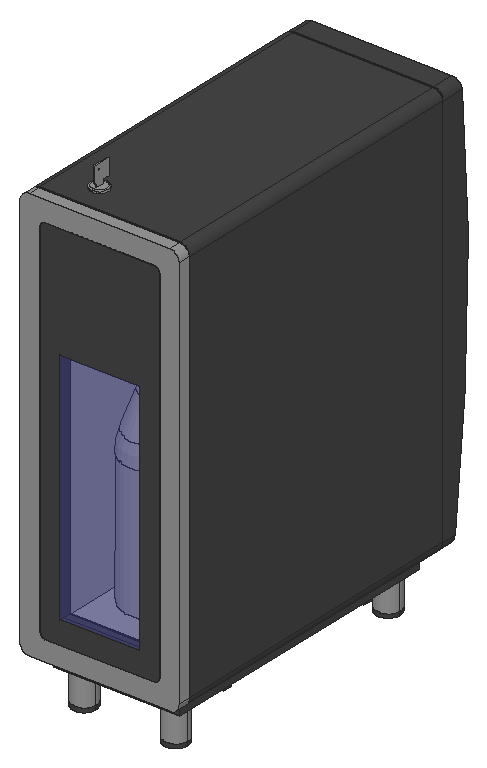
Revit family "Franke_Flavor_Station_FS3-A600_FM_EC_A600_FM_CM_A800_FM_EC(USA)", category Specialty Equipment, Revit 2015
Parameters (values of type "Flavor Station FS3-A600 FM EC,A600 FM CM,A800 FM EC(110-127V/anthracite/USA)")
  Watts max. = 0 W
  Volts max. = 127 V
  URL = "https://www.franke.com/main/en/cs/products/product-search.html"
  Depth (mm) = 452 mm
  Volts min. = 110 V
  Max Overcurrent Protection = "-"
  Cycle Alternative = 60 Hz
  Cycle = 50 Hz
  Model = "410888 - Flavor Station FS3-A600 FM EC, A600 FM CM, A800 FM EC"
  Watts min. = 0 W
  Cost = 0
  Capacity = "up to 3 bottles"
  Height (mm) = 544 mm
  Manufacturer = "Franke"
  Energy loss acc. to DIN 18873 = "-"
  Width (mm) = 200 mm
  Description = "key module Flavor Station enables the automated and constant dosing of syrup in the coffee / milk"
  Assembly Code = "key module Flavor Station"
  Keynote = "key module Flavor Station"
  Weight = "17 kg"
  Number of Poles = 1
  Number of Protective Conductors = "1"
  Number of Nutral Conductors = "1"
  Frontcover = Franke Anthracite
Types (3, lengths in mm): name | Frontcover
  (no name) | Franke Anthracite
  Flavor Station FS3-A600 FM EC,A600 FM CM,A800 FM EC(110-127V/black line/USA) | Franke Black
  Flavor Station FS3-A600 FM EC,A600 FM CM,A800 FM EC(110-127V/anthracite/USA) | Franke Anthracite
Reference planes
  plane 1 "Mitte (Vorne/Hinten)": y = 0
  plane 2: z = 0
  plane 3 "Mitte (Links/Rechts)": x = 0
Forms (mm)
  Revolve 1, solid, material "Franke Glass (coloured)"
    sketch origin (0, -122.422, 0) x (1, 0, 0) y (0, 0, 1)
      loop
        line (0, 119) -> (42.5, 119) -> (42.5, 285)
        arc (42.5, 285) -> (41.359, 298.689) -> (37.969, 312) r 82.717
        arc (37.969, 312) -> (30.026, 334.024) -> (21.951, 356) r 3887.726
        arc (21.951, 356) -> (18.197, 369.268) -> (16.953, 383) r 74.483
        line (16.953, 383) -> (0, 383) -> (0, 119)
      axis (0, 119) -> (0, 383)
    angle from 0 to 360
  Revolve 2, solid, material "Franke Coloured plastic"
    sketch origin (0, -122.422, 0) x (1, 0, 0) y (0, 0, 1)
      loop
        line (0, 383) -> (16.953, 383) -> (16.953, 417) -> (0, 417) -> (0, 383)
      axis (0, 383) -> (0, 417)
    angle from 0 to 360
  Extrusion 3, solid, material "Franke Anthracite" <- "Frontcover"
    sketch origin (0, 0, 0) x (1, 0, 0) y (0, 0, 1)
      loop
        line (88, 585) -> (-88, 585)
        arc (-88, 585) -> (-96.485, 581.485) -> (-100, 573) r 12
        line (-100, 573) -> (-100, 77)
        arc (-100, 77) -> (-96.485, 68.515) -> (-88, 65) r 12
        line (-88, 65) -> (-85, 65) -> (85, 65) -> (88, 65)
        arc (88, 65) -> (96.485, 68.515) -> (100, 77) r 12
        line (100, 77) -> (100, 573)
        arc (100, 573) -> (96.485, 581.485) -> (88, 585) r 12
      loop
        arc (67, 90) -> (72.657, 92.343) -> (75, 98) r 8
        line (75, 98) -> (75, 552)
        arc (75, 552) -> (72.657, 557.657) -> (67, 560) r 8
        line (67, 560) -> (-67, 560)
        arc (-67, 560) -> (-72.657, 557.657) -> (-75, 552) r 8
        line (-75, 552) -> (-75, 98)
        arc (-75, 98) -> (-72.657, 92.343) -> (-67, 90) r 8
        line (-67, 90) -> (67, 90)
    from 199.53 to 214.53
  Extrusion 4, solid, material "Franke Black"
    sketch origin (0, 0, 0) x (1, 0, 0) y (0, 0, 1)
      loop
        arc (-67, 560) -> (-72.657, 557.657) -> (-75, 552) r 8
        line (-75, 552) -> (-75, 98)
        arc (-75, 98) -> (-72.657, 92.343) -> (-67, 90) r 8
        line (-67, 90) -> (67, 90)
        arc (67, 90) -> (72.657, 92.343) -> (75, 98) r 8
        line (75, 98) -> (75, 552)
        arc (75, 552) -> (72.657, 557.657) -> (67, 560) r 8
        line (67, 560) -> (-67, 560)
      loop
        line (-50, 417) -> (-50, 119) -> (50, 119) -> (50, 417) -> (-50, 417)
    from 199.53 to 214.53
  Extrusion 5, solid, material "Franke Glass"
    sketch origin (0, 0, 0) x (1, 0, 0) y (0, 0, 1)
      loop
        line (-50, 417) -> (-50, 119) -> (50, 119) -> (50, 417) -> (-50, 417)
    from 209.53 to 214.53
  Extrusion 6, solid, material "Franke Black"
    sketch origin (0, 0, 0) x (1, 0, 0) y (0, 0, 1)
      loop
        line (88, 585) -> (-88, 585)
        arc (-88, 585) -> (-96.485, 581.485) -> (-100, 573) r 12
        line (-100, 573) -> (-100, 77)
        arc (-100, 77) -> (-96.485, 68.515) -> (-88, 65) r 12
        line (-88, 65) -> (-85, 65) -> (85, 65) -> (88, 65)
        arc (88, 65) -> (96.485, 68.515) -> (100, 77) r 12
        line (100, 77) -> (100, 573)
        arc (100, 573) -> (96.485, 581.485) -> (88, 585) r 12
    from -198.03 to 198.03
  Extrusion 7, void
    sketch origin (0, 0, 0) x (1, 0, 0) y (0, 0, 1)
      loop
        line (-55, 422) -> (-55, 114) -> (55, 114) -> (55, 422) -> (-55, 422)
    from 4.53 to 267.821
  Extrusion 8, solid, material "Franke Black"
    sketch origin (0, 0, 0) x (0, 1, 0) y (0, 0, 1)
      loop
        line (186.97, 65) -> (-188.03, 65) -> (-188.03, 45) -> (186.97, 45) -> (186.97, 65)
    from -79 to 79
  Extrusion 9, solid, material "Franke Black"
    sketch origin (0, 0, 0) x (0, 1, 0) y (0, 0, 1)
      loop
        line (199.53, 585) -> (199.53, 65) -> (216.03, 65)
        arc (216.03, 65) -> (224.982, 150.997) -> (233.478, 237.039) r 16328.175
        arc (233.478, 237.039) -> (233.864, 241.879) -> (234.093, 246.728) r 150
        arc (234.093, 246.728) -> (236.227, 326.074) -> (237.701, 405.435) r 9548.581
        arc (237.701, 405.435) -> (237.699, 406.999) -> (237.648, 408.563) r 50
        arc (237.648, 408.563) -> (233.118, 496.797) -> (228.03, 585) r 14002.549
        line (228.03, 585) -> (199.53, 585)
    from -100 to 100
  Extrusion 10, void
    sketch origin (0, 0, 0) x (1, 0, 0) y (0, 0, 1)
      loop
        line (-88, 585) -> (-88, 595) -> (-110, 595) -> (-110, 573) -> (-100, 573)
        arc (-100, 573) -> (-96.485, 581.485) -> (-88, 585) r 12
      loop
        arc (88, 585) -> (96.485, 581.485) -> (100, 573) r 12
        line (100, 573) -> (110, 573) -> (110, 595) -> (88, 595) -> (88, 585)
      loop
        arc (-88, 65) -> (-96.485, 68.515) -> (-100, 77) r 12
        line (-100, 77) -> (-110, 77) -> (-110, 55) -> (-88, 55) -> (-88, 65)
      loop
        line (88, 65) -> (88, 55) -> (110, 55) -> (110, 77) -> (100, 77)
        arc (100, 77) -> (96.485, 68.515) -> (88, 65) r 12
    from -305.226 to 299.817
  Revolve 11, solid, material "Franke Chrome"
    sketch origin (-42, 0, 0) x (0, 1, 0) y (0, 0, 1)
      loop
        line (-162.53, 588) -> (-172.563, 588)
        arc (-172.563, 588) -> (-173.27, 587.707) -> (-173.563, 587) r 1
        line (-173.563, 587) -> (-173.563, 585) -> (-162.53, 585) -> (-162.53, 588)
      axis (-162.53, 588) -> (-162.53, 585)
    angle from 0 to 360
  Extrusion 12, solid, material "Franke Chrome"
    sketch origin (0, 0, 0) x (1, 0, 0) y (0, 1, 0)
      loop
        circle (57.5, -167.03) r 15
      loop
        circle (57.5, 166.47) r 15
      loop
        circle (-57.5, -167.03) r 15
      loop
        circle (-57.5, 166.47) r 15
    from 5 to 45
  Extrusion 13, solid, material "Franke Black"
    sketch origin (0, 0, 10) x (0, -1, 0) y (1, 0, 0)
      loop
        circle (167.03, -57.5) r 15
      loop
        circle (-166.47, -57.5) r 15
      loop
        circle (167.03, 57.5) r 15
      loop
        circle (-166.47, 57.5) r 15
    from -10 to -5
  Extrusion 14, solid, material "Franke Black"
    sketch origin (0, 0, 0) x (1, 0, 0) y (0, 1, 0)
      loop
        line (-76.6, 116.47) -> (-76.6, 104.47) -> (-62.6, 104.47) -> (-62.6, 116.47) -> (-76.6, 116.47)
      loop
        line (-76.6, -104.03) -> (-76.6, -116.03) -> (-62.6, -116.03) -> (-62.6, -104.03) -> (-76.6, -104.03)
      loop
        line (76.6, 116.47) -> (62.6, 116.47) -> (62.6, 104.47) -> (76.6, 104.47) -> (76.6, 116.47)
      loop
        line (76.6, -104.03) -> (62.6, -104.03) -> (62.6, -116.03) -> (76.6, -116.03) -> (76.6, -104.03)
    from 40 to 45
  Extrusion 15, solid, material "Franke internal space FS3"
    sketch origin (0, 0, 0) x (1, 0, 0) y (0, 0, 1)
      loop
        line (55, 422) -> (-55, 422) -> (-55, 114) -> (55, 114) -> (55, 422)
      loop
        line (50, 417) -> (-50, 417) -> (-50, 119) -> (50, 119) -> (50, 417)
    from 0 to 198.03
  Extrusion 16, solid
    sketch origin (0, 0, 0) x (1, 0, 0) y (0, 0, 1)
      loop
        line (-90, 75) -> (90, 75) -> (90, 575) -> (-90, 575) -> (-90, 75)
      loop
        line (55, 422) -> (-55, 422) -> (-55, 114) -> (55, 114) -> (55, 422)
    from 198.03 to 199.53
  Extrusion 17, solid
    sketch origin (0, 397.56, 0) x (1, 0, 0) y (0, 0, 1)
      loop
        line (-90, 75) -> (90, 75) -> (90, 575) -> (-90, 575) -> (-90, 75)
    from 198.03 to 199.53
  Extrusion 18, solid, material "Franke Chrome"
    sketch origin (0, 0, 0) x (0, 1, 0) y (0, 0, 1)
      loop
        arc (-169.199, 613) -> (-169.907, 612.707) -> (-170.199, 612) r 1
        line (-170.199, 612) -> (-170.199, 594)
        arc (-170.199, 594) -> (-169.907, 593.293) -> (-169.199, 593) r 1
        line (-169.199, 593) -> (-167.163, 593) -> (-167.163, 588) -> (-157.898, 588) -> (-157.898, 593) -> (-149.885, 593)
        arc (-149.885, 593) -> (-149.178, 593.293) -> (-148.885, 594) r 1
        line (-148.885, 594) -> (-148.885, 612)
        arc (-148.885, 612) -> (-149.178, 612.707) -> (-149.885, 613) r 1
        line (-149.885, 613) -> (-169.199, 613)
      loop
        circle (-164.449, 607.092) r 2
    from -43 to -41
  Extrusion 19, solid, material "Franke Chrome"
    sketch origin (0, 0, 0) x (1, 0, 0) y (0, 1, 0)
      loop
        circle (0, 147.268) r 2.5
    from 40 to 45
Cuts and joins
  Extrusion 10 cuts Extrusion 9
  Extrusion 7 cuts Extrusion 6
Dimensions and locks
  aligned and locked: level to plane 2
Connectors
  electrical at (0, 147.268, 40), driven by "Volts min.", driven by "Number of Poles"
    settings: on Extrusion 19, index 1, voltage 110 V, apparent load 0 VA, apparent load phase1 0 VA, apparent load phase2 0 VA, apparent load phase3 0 VA, power factor 1, load classification "Strom", number of poles 1, system type 31, power factor state 1, is connector primary yes, connector utility no, sub classification motor no, connector description ""
